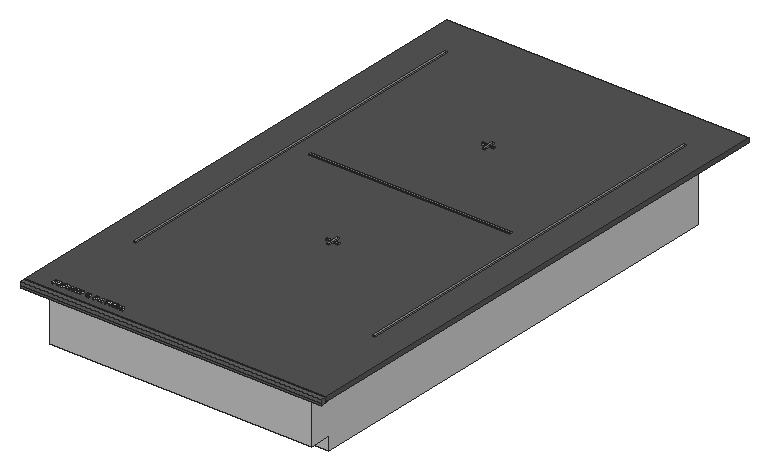
Revit family "FP_Revit_18_CI122DTB4_Cooktop_90000837B", category Specialty Equipment, Revit 2018
Family settings
  Round Connector Dimension = Use Diameter
  Part Type = Normal
  OmniClass Number = 23.40.40.14.17.11
  OmniClass Title = Cookers, Ovens, Stoves
  Work Plane-Based = No
  Always vertical = Yes
  Cut with Voids When Loaded = Yes
  Shared = No
  Room Calculation Point = No
Parameters
  Visibility - Clearance Required = yes
  URL = "www.fisherpaykel.com"
  Product - Width = 299 mm  # constant formula
  Product - Height = 99 mm  # constant formula
  Product - Depth = 530 mm  # constant formula
  Model = "CI122DTB4"
  Material - Trim = Fisher & Paykel - Aluminium, Dark
  Material - Graphics = Fisher & Paykel - Graphics Grey
  Material - Cooktop = Fisher & Paykel - Glass, Black
  Material - Body = Fisher & Paykel - Grey
  Manufacturer = "Fisher & Paykel Appliances"
  FFL Offset [instance] = 915 mm
  Description = "12\" Induction Cooktop"
  Connector Note - Electrical = "208 or 240 V, 14 A or 16 A, 60 Hz,"
  Clearance - Side of cooktop to nearest Combustible Surface = 15.5 mm  # constant formula
  Clearance - Rear of cooktop to nearest Combustible Surface = 8 mm  # constant formula
  Clearance - Overhead Rangehood = 650 mm  # constant formula
  Clearance - Overhead Non-Combustible = 610 mm  # constant formula
  Clearance - Overhead Combustible = 762 mm  # constant formula
  Clearance - Below Combustible = 70 mm  # constant formula
  Clearance - Below = 65 mm  # constant formula
  Chassis - Width = 260 mm  # constant formula
  Chassis - Height = 62 mm  # constant formula
  Chassis - Depth = 480 mm  # constant formula
  Cavity - Width = 270 mm  # constant formula
  Cavity - Height = 65 mm  # constant formula
  Cavity - Depth = 490 mm  # constant formula
Reference planes
  plane 1 "Datum": y = 0
  plane 2: z = 0
  plane 3 "Center (Left/Right)": x = 0
  plane 4 "Product LHS": x = -149.5
  plane 5 "Product RHS": x = 149.5
  plane 6 "Product - Depth": y = 530
  plane 7 "Cavity LHS": x = -135
  plane 8 "Cavity RHS": x = 135
  plane 9 "Chassis - Front": y = 12.2
  plane 10 "Cavity - Depth": y = 498.7
  plane 11 "Chassis - Depth": y = 492.2
  plane 12 "Basepan": z = 853
  plane 13 "Countertop": z = 915
  plane 14 "Glass": z = 920
  plane 15 "Cavity - Front": y = 8.7
Forms (mm)
  Extrusion 1, solid, material "Fisher & Paykel - Glass, Black" <- "Material - Cooktop"
    sketch origin (0, 0, 0) x (0, 1, 0) y (0, 0, 1)
      loop
        line (5.299, 920) -> (5.299, 916) -> (530, 916) -> (530, 920) -> (5.299, 920)
    from -149.5 to 149.5
  Extrusion 2, solid, material "Fisher & Paykel - Aluminium, Dark" <- "Material - Trim", detail levels fine
    sketch origin (0, 0, 0) x (0, 1, 0) y (0, 0, 1)
      loop
        line (5.299, 920) -> (0.45, 920) -> (0, 916.5) -> (0, 915) -> (8.39, 915) -> (8.39, 916) -> (5.299, 916) -> (5.299, 920)
    from -149.5 to 149.5
  Extrusion 3, solid, material "Fisher & Paykel - Clearance Required (Cutout)", visible <- "Visibility - Clearance Required", detail levels coarse
    sketch origin (0, 0, 0) x (1, 0, 0) y (0, 1, 0)
      loop
        line (-135, 498.7) -> (-135, 8.7) -> (135, 8.7) -> (135, 498.7) -> (-135, 498.7)
    from 850 to 915
  Extrusion 4, solid, material "Fisher & Paykel - Aluminium, Dark" <- "Material - Trim", detail levels coarse+medium
    sketch origin (0, 0, 0) x (0, 1, 0) y (0, 0, 1)
      loop
        line (5.299, 920) -> (0, 920) -> (0, 915) -> (5.299, 915) -> (5.299, 920)
    from -149.5 to 149.5
  Extrusion 5, solid, material "Fisher & Paykel - Clearance Required (Combustible)", visible <- "Visibility - Clearance Required", detail levels coarse
    sketch origin (0, -0.687, 0) x (1, 0, 0) y (0, 1, 0)
      loop
        line (149.5, 0.687) -> (165, 0.687) -> (165, 538.687) -> (-165, 538.687) -> (-165, 0.687) -> (-149.5, 0.687) -> (-149.5, 530.687) -> (149.5, 530.687) -> (149.5, 0.687)
    from 920 to 1570
  Extrusion 6, solid, material "Fisher & Paykel - Clearance Required (Non-Combustible)", visible <- "Visibility - Clearance Required", detail levels coarse
    sketch origin (0, 0, 0) x (1, 0, 0) y (0, 1, 0)
      loop
        line (-149.5, 0) -> (149.5, 0) -> (149.5, 530) -> (-149.5, 530) -> (-149.5, 0)
    from 920 to 1530
  Extrusion 7, solid, material "Fisher & Paykel - Clearance Required (Rangehood)", visible <- "Visibility - Clearance Required", detail levels coarse
    sketch origin (0, 0, 0) x (1, 0, 0) y (0, 1, 0)
      loop
        line (-149.5, 530) -> (-149.5, 0) -> (149.5, 0) -> (149.5, 530) -> (-149.5, 530)
    from 1530 to 1570
  Extrusion 8, solid, material "Fisher & Paykel - Grey" <- "Material - Body"
    sketch origin (0, 0, 0) x (0, 1, 0) y (0, 0, 1)
      loop
        line (34.2, 865.8) -> (34.2, 853) -> (492.2, 853) -> (492.2, 915) -> (12.2, 915) -> (12.2, 865.8) -> (34.2, 865.8)
    from -130 to 130
  Extrusion 9, solid, material "Fisher & Paykel - Grey" <- "Material - Body"
    sketch origin (0, 0, 0) x (1, 0, 0) y (0, 1, 0)
      loop
        line (-140, 520.2) -> (-140, 8.39) -> (140, 8.39) -> (140, 520.2) -> (-140, 520.2)
    from 915 to 916
  Extrusion 10, solid, material "Fisher & Paykel - Graphics Grey" <- "Material - Graphics", detail levels fine
    sketch origin (0, 0, 0) x (1, 0, 0) y (0, 1, 0)
      loop
        line (-119.982, 489.688) -> (-119.982, 103.77) -> (-117.782, 103.77) -> (-117.782, 489.688) -> (-119.982, 489.688)
      loop
        line (117.568, 103.77) -> (119.768, 103.77) -> (119.768, 489.908) -> (117.568, 489.908) -> (117.568, 103.77)
      loop
        line (-100, 298.273) -> (-100, 296.073) -> (100, 296.073) -> (100, 298.273) -> (-100, 298.273)
      loop
        line (1.001, 400.223) -> (-0.967, 400.223) -> (-0.967, 395.057) -> (-6.133, 395.057) -> (-6.133, 393.089) -> (-0.967, 393.089) -> (-0.967, 387.923) -> (1.001, 387.923) -> (1.001, 393.089) -> (6.167, 393.089) -> (6.167, 395.057) -> (1.001, 395.057) -> (1.001, 400.223)
      loop
        line (1.001, 207.02) -> (-0.967, 207.02) -> (-0.967, 201.854) -> (-6.133, 201.854) -> (-6.133, 199.886) -> (-0.967, 199.886) -> (-0.967, 194.72) -> (1.001, 194.72) -> (1.001, 199.886) -> (6.167, 199.886) -> (6.167, 201.854) -> (1.001, 201.854) -> (1.001, 207.02)
    from 920 to 921
  Extrusion 11, void
    sketch origin (0, 7.2, 0) x (1, 0, 0) y (0, 0, 1)
      loop
        circle (99.75, 873.15) r 11.347
    from -485 to -480
  Extrusion 12, void
    sketch origin (0, 0, 0) x (1, 0, 0) y (0, 1, 0)
      loop
        line (-135, 8.7) -> (135, 8.7) -> (135, 498.7) -> (-135, 498.7) -> (-135, 8.7)
    from 850 to 915
Cuts and joins
  Extrusion 11 cuts Extrusion 8
Text (mm)
  text "Due to ongoing product development, product details are subject to change without notice. \nPlease always refer to www.fisherpaykel.com for the most current product information. \n© Fisher & Paykel 2020" at (41.04, -387.478, 0), in view "Ref. Level (Plan)"
Dimensions and locks
  equal spacing: plane 4 "Product LHS", plane 3 "Center (Left/Right)", plane 5 "Product RHS"
  "Product - Width": plane 4 "Product LHS" to plane 5 "Product RHS"
  equal spacing: plane 7 "Cavity LHS", plane 3 "Center (Left/Right)", plane 8 "Cavity RHS"
  "Cavity - Width": plane 7 "Cavity LHS" to plane 8 "Cavity RHS"
  "Product - Depth": Extrusion 1 to plane 1 "Datum"
  equal spacing: Extrusion 8, plane 3 "Center (Left/Right)", Extrusion 8
  "Chassis - Width": Extrusion 8 to Extrusion 8
  plane 1 "Datum" to plane 9 "Chassis - Front" = 12.2 mm
  "Chassis - Depth": plane 11 "Chassis - Depth" to plane 9 "Chassis - Front"
  equal spacing: Extrusion 9 sketch curve, plane 3 "Center (Left/Right)", Extrusion 9 sketch curve
  plane 4 "Product LHS" to Extrusion 9 sketch curve = 9.5 mm
  locked: plane 14 "Glass" to plane 13 "Countertop" at 5
  "Chassis - Height": plane 13 "Countertop" to plane 12 "Basepan"
  "FFL Offset": plane 13 "Countertop" to level
  locked: Extrusion 10 to plane 14 "Glass" at 1
  locked: nested 1 to plane 14 "Glass" at 0.8
  locked: plane 14 "Glass" to Extrusion 1 sketch curve at 4
  locked: plane 12 "Basepan" to Extrusion 11 sketch curve at 20.15
  "Clearance - Overhead Non-Combustible": Extrusion 7 to plane 14 "Glass"
  "Clearance - Overhead Rangehood": Extrusion 7 to plane 14 "Glass"
  "Clearance - Below": plane 13 "Countertop" to Extrusion 3
  locked: plane 1 "Datum" to plane 15 "Cavity - Front" at 8.7
  "Cavity - Depth": plane 10 "Cavity - Depth" to plane 15 "Cavity - Front"
  "Clearance - Rear of cooktop to nearest Combustible Surface": Extrusion 5 to plane 6 "Product - Depth"
  "Clearance - Side of cooktop to nearest Combustible Surface": Extrusion 5 to plane 4 "Product LHS"
  "Clearance - Side of cooktop to nearest Combustible Surface": plane 5 "Product RHS" to Extrusion 5
  aligned and locked: level to plane 2
  aligned and locked: Extrusion 1 to plane 5 "Product RHS"
  aligned and locked: Extrusion 1 to plane 4 "Product LHS"
  aligned and locked: Extrusion 2 to plane 5 "Product RHS"
  aligned and locked: Extrusion 7 to Extrusion 6
  aligned and locked: plane 4 "Product LHS" to Extrusion 4
  aligned and locked: Extrusion 4 to plane 5 "Product RHS"
  aligned and locked: Extrusion 4 to Extrusion 1
  aligned and locked: Extrusion 1 to Extrusion 4  (x2)
  aligned and locked: Extrusion 5 sketch curve to plane 5 "Product RHS"
  aligned and locked: plane 10 "Cavity - Depth" to Extrusion 3
  aligned and locked: plane 4 "Product LHS" to Extrusion 2
  aligned and locked: Extrusion 6 to plane 14 "Glass"
  aligned and locked: Extrusion 5 to Extrusion 6
  aligned and locked: plane 13 "Countertop" to Extrusion 3
  aligned and locked: plane 13 "Countertop" to Extrusion 8 sketch curve
  aligned and locked: Extrusion 8 to plane 12 "Basepan"
  aligned and locked: Extrusion 5 to Extrusion 10
  aligned and locked: Extrusion 1 sketch curve to plane 14 "Glass"
  aligned and locked: Extrusion 9 to Extrusion 1
  aligned and locked: Extrusion 9 to Extrusion 3
  aligned and locked: Extrusion 4 to Extrusion 2
  aligned and locked: Extrusion 2 to Extrusion 1
  aligned and locked: Extrusion 2 to Extrusion 3
  aligned and locked: Extrusion 1 to Extrusion 2
  aligned and locked: Extrusion 12 to Extrusion 3  (x2)
  aligned and locked: plane 15 "Cavity - Front" to Extrusion 12
  aligned and locked: plane 15 "Cavity - Front" to Extrusion 3
  aligned and locked: Extrusion 5 to Extrusion 7
Automatic sketch dimensions
  Extrusion 1 sketch curve to plane 6 "Product - Depth" = 0 mm
  Extrusion 2 sketch curve to plane 1 "Datum" = 0 mm
  Extrusion 2 sketch curve to plane 14 "Glass" = 0 mm
  Extrusion 2 sketch curve to plane 13 "Countertop" = 0 mm
  Extrusion 2 sketch curve to plane 1 "Datum" = 0.45 mm
  Extrusion 2 sketch curve to Extrusion 2 sketch curve = 1 mm
  Extrusion 2 sketch curve to Extrusion 2 sketch curve = 1.5 mm
  Extrusion 3 sketch curve to plane 10 "Cavity - Depth" = 0 mm
  plane 7 "Cavity LHS" to Extrusion 3 sketch curve = 0 mm
  Extrusion 3 sketch curve to plane 8 "Cavity RHS" = 0 mm
  Extrusion 4 sketch curve to plane 1 "Datum" = 0 mm
  Extrusion 4 sketch curve to plane 13 "Countertop" = 0 mm
  Extrusion 4 sketch curve to plane 14 "Glass" = 0 mm
  plane 1 "Datum" to Extrusion 5 sketch curve = 0 mm  (x2)
  Extrusion 5 sketch curve to plane 4 "Product LHS" = 0 mm
  Extrusion 5 sketch curve to plane 6 "Product - Depth" = 0 mm
  plane 4 "Product LHS" to Extrusion 5 sketch curve = 15.5 mm
  Extrusion 5 sketch curve to plane 5 "Product RHS" = 15.5 mm
  plane 6 "Product - Depth" to Extrusion 5 sketch curve = 8 mm
  Extrusion 6 sketch curve to plane 4 "Product LHS" = 0 mm
  Extrusion 6 sketch curve to plane 5 "Product RHS" = 0 mm
  plane 1 "Datum" to Extrusion 6 sketch curve = 0 mm
  Extrusion 6 sketch curve to plane 6 "Product - Depth" = 0 mm
  plane 1 "Datum" to Extrusion 7 sketch curve = 0 mm
  Extrusion 7 sketch curve to plane 4 "Product LHS" = 0 mm
  Extrusion 7 sketch curve to plane 5 "Product RHS" = 0 mm
  Extrusion 7 sketch curve to plane 6 "Product - Depth" = 0 mm
  Extrusion 8 sketch curve to plane 9 "Chassis - Front" = 0 mm
  Extrusion 8 sketch curve to plane 12 "Basepan" = 0 mm
  Extrusion 8 sketch curve to plane 11 "Chassis - Depth" = 0 mm
  Extrusion 8 sketch curve to plane 9 "Chassis - Front" = 22 mm
  plane 12 "Basepan" to Extrusion 8 sketch curve = 12.8 mm
  Extrusion 9 sketch curve to plane 6 "Product - Depth" = 9.8 mm
  Extrusion 10 sketch curve to plane 7 "Cavity LHS" = 15.018 mm
  Extrusion 10 sketch curve to Extrusion 10 sketch curve = 2.2 mm  (x3)
  Extrusion 10 sketch curve to plane 7 "Cavity LHS" = 35 mm
  Extrusion 10 sketch curve to plane 3 "Center (Left/Right)" = 6.133 mm  (x2)
  Extrusion 10 sketch curve to plane 3 "Center (Left/Right)" = 0.967 mm  (x4)
  plane 3 "Center (Left/Right)" to Extrusion 10 sketch curve = 1.001 mm  (x4)
  Extrusion 10 sketch curve to Extrusion 10 sketch curve = 5.166 mm  (x6)
  plane 8 "Cavity RHS" to Extrusion 10 sketch curve = 35 mm
  Extrusion 10 sketch curve to plane 11 "Chassis - Depth" = 2.292 mm
  plane 8 "Cavity RHS" to Extrusion 10 sketch curve = 17.432 mm
  Extrusion 10 sketch curve to plane 11 "Chassis - Depth" = 2.512 mm
  Extrusion 10 sketch curve to plane 11 "Chassis - Depth" = 91.977 mm
  Extrusion 10 sketch curve to Extrusion 10 sketch curve = 0 mm  (x2)
  Extrusion 10 sketch curve to Extrusion 10 sketch curve = 1.968 mm  (x4)
  Extrusion 10 sketch curve to Extrusion 10 sketch curve = 94.816 mm
  Extrusion 10 sketch curve to Extrusion 10 sketch curve = 89.053 mm
  Extrusion 10 sketch curve to plane 9 "Chassis - Front" = 91.57 mm  (x2)
  plane 8 "Cavity RHS" to Extrusion 11 sketch curve = 35.25 mm
  Extrusion 12 sketch curve to plane 10 "Cavity - Depth" = 0 mm
  plane 7 "Cavity LHS" to Extrusion 12 sketch curve = 0 mm
  Extrusion 12 sketch curve to plane 8 "Cavity RHS" = 0 mm
  Extrusion 1 sketch curve to plane 1 "Datum" = 5.299 mm
  Extrusion 2 sketch curve to Extrusion 2 sketch curve = 4.85 mm
  Extrusion 2 sketch curve to Extrusion 2 sketch curve = 3.09 mm
  plane 9 "Chassis - Front" to Extrusion 3 sketch curve = 3.5 mm
  Extrusion 4 sketch curve to plane 1 "Datum" = 5.299 mm
  plane 9 "Chassis - Front" to Extrusion 9 sketch curve = 3.81 mm
  plane 9 "Chassis - Front" to Extrusion 12 sketch curve = 3.5 mm
  radius of Extrusion 11 sketch curve = 11.347 mm
Nested families
  nested 1: "F&P Logo 70mm Horizontal" at (-94.001, 14.253, 920), type "F&P Logo 70mm Horizontal"
Connectors
  electrical at (99.75, 487.2, 873.15), driven by "Connector Note - Electrical"
    settings: on cut or joined group of Extrusion 8, Extrusion 11, index 1, voltage 120 V, apparent load 0 VA, apparent load phase1 0 VA, apparent load phase2 0 VA, apparent load phase3 0 VA, power factor 1, load classification "Other", number of poles 2, system type 30, power factor state 1, is connector primary yes, connector utility no, sub classification motor no, connector description "208 or 240 V, 14 A or 16 A, 60 Hz,"
Definition of nested family "F&P Logo 70mm Horizontal"
  Parameters (values of type "F&P Logo 70mm Horizontal")
    URL = "www.fisherpaykel.com"
    Material - Logo = none
    Manufacturer = "Fisher & Paykel Appliances"
  Reference planes
    plane 1 "Center (Front/Back)": y = 0
    plane 2: z = 0
    plane 3 "Center (Left/Right)": x = 0
  Forms (mm)
    Extrusion 1, solid, material <- "Material - Logo", detail levels fine
      sketch origin (0, 0, 0) x (1, 0, 0) y (0, 1, 0)
        loop
          line (-34.997, -0.356) -> (-33.895, -0.356) -> (-33.895, 1.141) -> (-32.174, 1.141) -> (-32.174, 2.075) -> (-33.895, 2.075) -> (-33.895, 2.943) -> (-32.023, 2.943) -> (-32.023, 3.872) -> (-34.997, 3.872) -> (-34.997, -0.356)
        loop
          line (-29.929, 3.872) -> (-29.929, -0.356) -> (-28.828, -0.356) -> (-28.828, 3.872) -> (-29.929, 3.872)
        loop
          line (-21.473, 3.872) -> (-21.473, -0.356) -> (-20.372, -0.356) -> (-20.372, 1.338) -> (-18.754, 1.338) -> (-18.754, -0.356) -> (-17.652, -0.356) -> (-17.652, 3.872) -> (-18.754, 3.872) -> (-18.754, 2.268) -> (-20.372, 2.268) -> (-20.372, 3.872) -> (-21.473, 3.872)
        loop
          line (-15.301, 3.872) -> (-15.301, -0.356) -> (-12.288, -0.356) -> (-12.288, 0.444) -> (-14.209, 0.444) -> (-14.209, 1.338) -> (-12.453, 1.338) -> (-12.453, 2.268) -> (-14.209, 2.268) -> (-14.209, 3.072) -> (-12.288, 3.072) -> (-12.288, 3.872) -> (-15.301, 3.872)
        loop
          line (32, 3.872) -> (32, -0.356) -> (35.003, -0.356) -> (35.003, 0.574) -> (33.102, 0.574) -> (33.102, 3.872) -> (32, 3.872)
        loop
          line (29.735, 3.872) -> (26.712, 3.872) -> (26.712, -0.356) -> (29.735, -0.356) -> (29.735, 0.444) -> (27.814, 0.444) -> (27.814, 1.338) -> (29.57, 1.338) -> (29.57, 2.268) -> (27.814, 2.268) -> (27.814, 3.072) -> (29.735, 3.072) -> (29.735, 3.872)
        loop
          line (23.449, 1.848) -> (25.012, 3.872) -> (23.724, 3.872) -> (22.374, 2.124) -> (22.374, 3.872) -> (21.273, 3.872) -> (21.273, -0.356) -> (22.374, -0.356) -> (22.374, 1.538) -> (23.765, -0.356) -> (25.067, -0.356) -> (23.449, 1.848)
        loop
          line (15.42, 3.872) -> (17.017, 1.338) -> (17.017, -0.356) -> (18.119, -0.356) -> (18.119, 1.283) -> (19.717, 3.872) -> (18.546, 3.872) -> (17.603, 2.239) -> (16.66, 3.872) -> (15.42, 3.872)
        loop
          line (12.969, 3.872) -> (11.922, 3.872) -> (10.2, -0.356) -> (11.282, -0.356) -> (11.585, 0.422) -> (13.278, 0.422) -> (13.581, -0.356) -> (14.69, -0.356) -> (12.969, 3.872)
        loop
          line (12.913, 1.352) -> (12.419, 2.566) -> (11.946, 1.352) -> (12.913, 1.352)
        loop
          line (5.556, 3.872) -> (5.556, -0.356) -> (6.653, -0.356) -> (6.653, 1.001) -> (7.453, 1.001)
          spline (7.453, 1.001) -> (7.884, 1.05) -> (8.285, 1.193) -> (8.63, 1.421) -> (8.895, 1.719) -> (9.061, 2.065) -> (9.118, 2.436) -> (9.061, 2.808) -> (8.895, 3.154) -> (8.63, 3.452) -> (8.285, 3.68) -> (7.884, 3.823) -> (7.453, 3.872)
          line (7.453, 3.872) -> (5.556, 3.872)
        loop
          spline (7.385, 1.882) -> (7.558, 1.9) -> (7.72, 1.953) -> (7.858, 2.037) -> (7.965, 2.147) -> (8.032, 2.275) -> (8.055, 2.412) -> (8.032, 2.55) -> (7.965, 2.677) -> (7.858, 2.787) -> (7.72, 2.872) -> (7.558, 2.924) -> (7.385, 2.943)
          line (7.385, 2.943) -> (6.585, 2.943) -> (6.585, 1.882) -> (7.385, 1.882)
        loop
          line (-8.294, 2.943) -> (-9.094, 2.943) -> (-9.094, 1.781) -> (-8.294, 1.781)
          spline (-8.294, 1.781) -> (-8.121, 1.801) -> (-7.96, 1.859) -> (-7.822, 1.951) -> (-7.716, 2.072) -> (-7.649, 2.212) -> (-7.626, 2.362) -> (-7.649, 2.512) -> (-7.716, 2.652) -> (-7.822, 2.772) -> (-7.96, 2.865) -> (-8.121, 2.923) -> (-8.294, 2.943)
        loop
          line (-8.214, 3.872) -> (-10.262, 3.872) -> (-10.262, -0.356) -> (-9.094, -0.356) -> (-9.094, 0.492) -> (-8.294, 0.492) -> (-7.647, -0.356) -> (-6.373, -0.356) -> (-7.445, 1.016)
          spline (-7.445, 1.016) -> (-7.148, 1.205) -> (-6.902, 1.45) -> (-6.72, 1.739) -> (-6.611, 2.058) -> (-6.58, 2.391) -> (-6.628, 2.723) -> (-6.754, 3.037) -> (-6.95, 3.317) -> (-7.208, 3.551) -> (-7.515, 3.726) -> (-7.856, 3.835) -> (-8.214, 3.872)
        loop
          line (0.368, 2.943) -> (0.368, 3.951) -> (-2.559, 3.951) -> (-2.559, 3.151) -> (-2.048, 2.522)
          spline (-2.048, 2.522) -> (-2.373, 2.187) -> (-2.606, 1.789) -> (-2.731, 1.355) -> (-2.74, 0.914) -> (-2.632, 0.497) -> (-2.414, 0.133) -> (-2.102, -0.155) -> (-1.716, -0.347) -> (-1.283, -0.429) -> (-0.832, -0.395) -> (-0.395, -0.249) -> (0, 0)
          line (0, 0) -> (0.504, -0.621) -> (1.644, -0.621) -> (0.602, 0.712) -> (1.591, 2.137) -> (0.459, 2.137) -> (0.003, 1.48) -> (-1.14, 2.943) -> (0.368, 2.943)
        loop
          spline (-1.353, 1.874) -> (-1.563, 1.673) -> (-1.729, 1.449) -> (-1.839, 1.217) -> (-1.886, 0.992) -> (-1.867, 0.792) -> (-1.783, 0.627) -> (-1.639, 0.511) -> (-1.447, 0.451) -> (-1.218, 0.451) -> (-0.968, 0.512) -> (-0.714, 0.628) -> (-0.475, 0.792)
          line (-0.475, 0.792) -> (-1.353, 1.874)
        loop
          arc (-25.449, 3.004) -> (-24.591, 2.949) -> (-23.808, 2.592) r 2.379
          line (-23.808, 2.592) -> (-23.808, 3.586)
          arc (-23.808, 3.586) -> (-24.619, 3.915) -> (-25.494, 3.936) r 2.437
          arc (-25.494, 3.936) -> (-26.617, 2.99) -> (-26.18, 1.588) r 1.327
          arc (-26.18, 1.588) -> (-25.746, 1.367) -> (-25.276, 1.236) r 2.46
          spline (-25.276, 1.236) -> (-25.124, 1.211) -> (-24.98, 1.158) -> (-24.856, 1.083) -> (-24.761, 0.989) -> (-24.703, 0.886) -> (-24.686, 0.78) -> (-24.713, 0.681) -> (-24.78, 0.596) -> (-24.882, 0.532) -> (-25.011, 0.494) -> (-25.158, 0.485) -> (-25.311, 0.505)
          arc (-25.311, 0.505) -> (-26.045, 0.647) -> (-26.714, 0.98) r 2.761
          line (-26.714, 0.98) -> (-26.714, -0.067)
          arc (-26.714, -0.067) -> (-25.66, -0.377) -> (-24.564, -0.318) r 3.237
          arc (-24.564, -0.318) -> (-23.597, 0.72) -> (-24.205, 2.002) r 1.263
          arc (-24.205, 2.002) -> (-24.834, 2.249) -> (-25.488, 2.42) r 5.78
          spline (-25.488, 2.42) -> (-25.537, 2.449) -> (-25.58, 2.49) -> (-25.615, 2.541) -> (-25.639, 2.6) -> (-25.653, 2.664) -> (-25.654, 2.73) -> (-25.644, 2.795) -> (-25.622, 2.856) -> (-25.59, 2.909) -> (-25.549, 2.953) -> (-25.502, 2.985) -> (-25.449, 3.004)
      from 0 to 0.8
  Dimensions and locks
    Extrusion 1 sketch curve to Extrusion 1 sketch curve = 70 mm
    aligned and locked: level to plane 2
